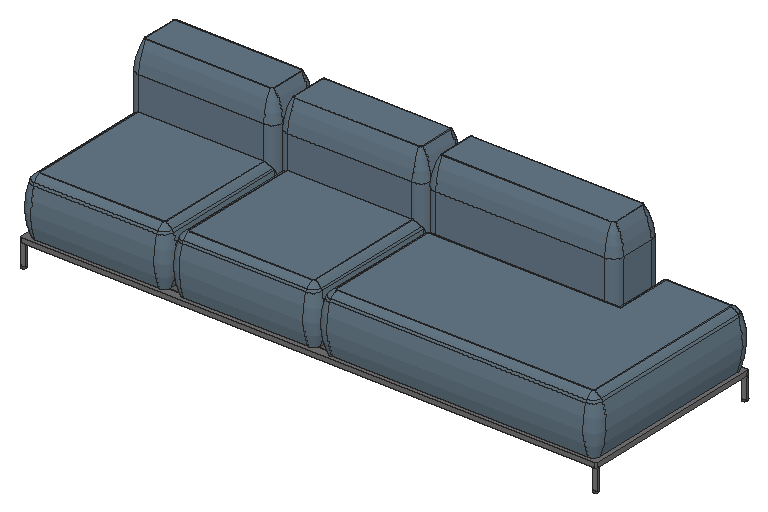
Revit family "Haworth_Mex-Hi_Sofa_Wide_WithoutArm-wPeninsula", category Furniture, Revit 2018
Family settings
  OmniClass Number = 23.40.70.14.64.21
  OmniClass Title = Systems Furniture
  Work Plane-Based = No
  Always vertical = Yes
  Cut with Voids When Loaded = No
  Shared = No
  Room Calculation Point = No
Parameters (values of type "Three Seat Sofa")
  Warranty = "http://www.haworth.com/resources/product-info/warranties"
  URL - Product = "https://www.haworth.com/na/en/products/lounge-sofas/ottomans/mex-hi-seating.html"
  URL = "https://www.haworth.com/na/en/about/brands/haworth-collection.html"
  Two Seats Wide = no
  Trim Finish = Haworth _ Polymer _ Black
  Three Seats Wide = not(Two Seats Wide)  # yes
  Sustainability Info = "https://www.haworth.com/na/en/expertise/sustainability.html"
  Size = "Verify Final Dim. w/ Haworth"  # constant formula
  Seat Upholstery Finish [instance] = Haworth _ Leather _ Scozia _ Oceano ES-342
  Revision Number = "1"  # constant formula
  Model = "HCCSMHL"  # constant formula
  Manufacturer = "Haworth"  # constant formula
  Description = "Haworth - Cassina - Mex-Hi - Sofa - Without Arm with Peninsula - Wide Three Seat"
  Base Finish [instance] = Haworth _ Paint _ Matte Anthracite 69-ANT
  Back Upholstery Finish [instance] = Haworth _ Leather _ Scozia _ Oceano ES-342
  Author = "Haworth (Abd Rahman)"  # constant formula
  Assembly Code = "E2020200"
  Actual Width = if(Two Seats Wide, 86.60", 106.30")  # 106.30"
  Actual Height = 28.30"  # constant formula
  Actual Depth = 35.50"  # constant formula
Reference planes (in)
  plane 1: z = 0
  plane 2 "Center L/R": x = -6.11989
  plane 3 "Center F/B": y = -11.5
  plane 4 "Top": z = 28.3
  plane 5 "Back": y = 6.25
  plane 6 "Front": y = -29.25
  plane 7 "Right": x = 47.03011
  plane 8 "Left": x = -59.26989
  plane 9: x = -23.83656
  plane 10: x = 11.59677
  plane 11: z = 4.88189
Dimensions and locks (in)
  equal spacing: plane 8 "Left", plane 2 "Center L/R", plane 7 "Right"
  "Actual Width": plane 8 "Left" to plane 7 "Right"
  equal spacing: plane 5 "Back", plane 3 "Center F/B", plane 6 "Front"
  "Actual Depth": plane 5 "Back" to plane 6 "Front"
  "Actual Height": plane 4 "Top" to plane 1
  equal spacing: plane 8 "Left", plane 9, plane 10, plane 7 "Right"
  aligned and locked: plane 2 "Center L/R" to nested 2
  aligned and locked: plane 3 "Center F/B" to nested 2
  aligned and locked: plane 5 "Back" to nested 3
  aligned and locked: nested 4 to plane 8 "Left"
  aligned and locked: nested 4 to nested 5
  aligned and locked: nested 5 to nested 4
  aligned and locked: nested 6 to plane 7 "Right"
  aligned and locked: nested 3 to plane 8 "Left"
  aligned and locked: nested 1 to nested 3
  aligned and locked: nested 7 to nested 6
  aligned and locked: plane 8 "Left" to nested 8
  aligned and locked: nested 8 to nested 4
  aligned and locked: nested 9 to plane 8 "Left"
  aligned and locked: nested 9 to plane 5 "Back"
  aligned and locked: nested 2 to plane 11
  aligned and locked: plane 11 to nested 9
  aligned and locked: nested 3 to plane 11
  aligned and locked: nested 1 to plane 11
  aligned and locked: plane 11 to nested 7
  aligned and locked: plane 11 to nested 6
  aligned and locked: plane 11 to nested 4
  aligned and locked: plane 11 to nested 8
  aligned and locked: plane 11 to nested 5
Nested families (in)
  nested 1: "Haworth_Mex-Hi_Sofa_Back-Wide-PART" at (-24.70365, 9.90612, -0.04956) x (-1, 0, 0) z (0, 0, 1), Back Upholstery Finish <- "Back Upholstery Finish", visible <- "Three Seats Wide", type "Back Wide - PART - Extra Small"
    with Back Upholstery Finish Haworth _ Leather _ Scozia _ Oceano ES-342, Small no
  nested 2: "Haworth_Mex-Hi_Sofa_Base-PART" at (0, 0, 0), Base Finish <- "Base Finish", type "Base - PART"
    with Base Finish Haworth _ Paint _ Matte Anthracite 69-ANT, Two Seats no
  nested 3: "Haworth_Mex-Hi_Sofa_Back-Wide-PART" at (-52.06365, 9.90612, -0.04956) x (-1, 0, 0) z (0, 0, 1), visible <- "Three Seats Wide", Back Upholstery Finish <- "Back Upholstery Finish", type "Back Wide - PART - Extra Small"
    with Back Upholstery Finish Haworth _ Leather _ Scozia _ Oceano ES-342, Small no
  nested 4: "Haworth_Mex-Hi_Sofa_Seat-Wide-PART" at (-39.46872, -3.81836, 0), visible <- "Three Seats Wide", Seat Upholstery Finish <- "Seat Upholstery Finish", type "Seat Wide - PART - L/R"
    with Seat Upholstery Finish Haworth _ Leather _ Scozia _ Oceano ES-342, Peninsula Seat no, Middle Small Seat no, Middle Large Seat no, L/R Seat yes
  nested 5: "Haworth_Mex-Hi_Sofa_Seat-Wide-PART" at (-12.10617, -3.81836, 0), visible <- "Three Seats Wide", Seat Upholstery Finish <- "Seat Upholstery Finish", type "Seat Wide - PART - L/R"
    with Seat Upholstery Finish Haworth _ Leather _ Scozia _ Oceano ES-342, Peninsula Seat no, Middle Small Seat no, Middle Large Seat no, L/R Seat yes
  nested 6: "Haworth_Mex-Hi_Sofa_Seat-Wide-PART" at (25.84372, -3.94336, 0), Seat Upholstery Finish <- "Seat Upholstery Finish", type "Seat Wide - PART - Peninsula"
    with Seat Upholstery Finish Haworth _ Leather _ Scozia _ Oceano ES-342, Middle Small Seat no, Middle Large Seat no
  nested 7: "Haworth_Mex-Hi_Sofa_Back-Wide-PART" at (19.48131, 9.90612, -0.04956), Back Upholstery Finish <- "Back Upholstery Finish", type "Back Wide - PART - Small"
    with Back Upholstery Finish Haworth _ Leather _ Scozia _ Oceano ES-342, Extra Small no
  nested 8: "Haworth_Mex-Hi_Sofa_Seat-Wide-PART" at (-35.30039, -3.81836, 0), visible <- "Two Seats Wide", Seat Upholstery Finish <- "Seat Upholstery Finish", type "Seat Wide - PART - Small"
    with Seat Upholstery Finish Haworth _ Leather _ Scozia _ Oceano ES-342, Peninsula Seat no, Middle Large Seat no
  nested 9: "Haworth_Mex-Hi_Sofa_Back-Wide-PART" at (-35.08113, 9.90612, -0.04956), visible <- "Two Seats Wide", Back Upholstery Finish <- "Back Upholstery Finish", type "Back Wide - PART - Small"
    with Back Upholstery Finish Haworth _ Leather _ Scozia _ Oceano ES-342, Extra Small no
Definition of nested family "Haworth_Mex-Hi_Sofa_Back-Wide-PART"
  Parameters (values of type "Back Wide - PART - Small")
    Warranty = "http://www.haworth.com/resources/product-info/warranties"
    URL - Product = "https://www.haworth.com/na/en/products/lounge-sofas/ottomans/mex-hi-seating.html"
    URL = "https://www.haworth.com/na/en/about/brands/haworth-collection.html"
    Sustainability Info = "https://www.haworth.com/na/en/expertise/sustainability.html"
    Small = yes
    Size = "Verify Final Dim. w/ Haworth"  # constant formula
    Seat Height = 17.00"  # constant formula
    Revision Number = "1"  # constant formula
    Model = "Haworth - Cassina - Mex-Hi"  # constant formula
    Manufacturer = "Haworth"  # constant formula
    Large = no
    Extra Small = yes
    Description = "Haworth - Cassina - Mex-Hi - Back - Wide - PART"  # constant formula
    Back Upholstery Finish [instance] = none
    Author = "Haworth (Abd Rahman)"  # constant formula
    Assembly Code = "E2020200"
    Actual Width = 35.43"  # constant formula
    Actual Height = 27.39844"  # constant formula
    Actual Depth = 10.60"  # constant formula
  Types (2): name | Small | Large
    Back Wide - PART - Small | yes | no
    Back Wide - PART - Large | no | yes
  Reference planes (in)
    plane 1: z = 0
    plane 2 "Top": z = 27.39844
    plane 3: z = 17
    plane 4 "Right": x = 11.24124
    plane 5 "Left": x = -24.18876
    plane 6 "Center (Left/Right)": x = -6.47376
    plane 7 "Back": y = -3.65612
    plane 8 "Front": y = -14.25612
    plane 9 "Center (Front/Back)": y = -8.95612
    plane 10: x = -20.15376
    plane 11: x = 7.20624
  Forms (in)
    Extrusion 1, solid, material <- "Back Upholstery Finish", visible <- "Small"
      sketch origin (0, 0.1875, 0) x (1, 0, 0) y (0, 1, 0)
        loop
          line (-22.40055, -6.01823) -> (-22.40055, -12.26715)
          arc (-22.40055, -12.26715) -> (-22.28726, -12.54067) -> (-22.01374, -12.65397) r 0.38681
          line (-22.01374, -12.65397) -> (9.07786, -12.65397)
          arc (9.07786, -12.65397) -> (9.35138, -12.54067) -> (9.46468, -12.26715) r 0.38681
          line (9.46468, -12.26715) -> (9.46468, -6.01823)
          arc (9.46468, -6.01823) -> (9.35138, -5.74471) -> (9.07786, -5.63141) r 0.38681
          line (9.07786, -5.63141) -> (-22.01374, -5.63141)
          arc (-22.01374, -5.63141) -> (-22.28726, -5.74471) -> (-22.40055, -6.01823) r 0.38681
      from 4.93145 to 26.69365
    Sweep 2, solid, material <- "Back Upholstery Finish", visible <- "Small"
      path origin (0, 0.1875, 0) x (1, 0, 0) y (0, 1, 0)
        loop
          arc (-22.01374, -5.51823) -> (-22.36729, -5.66467) -> (-22.51374, -6.01823) r 0.5
          line (-22.51374, -6.01823) -> (-22.51374, -12.26715)
          arc (-22.51374, -12.26715) -> (-22.36729, -12.62071) -> (-22.01374, -12.76715) r 0.5
          line (-22.01374, -12.76715) -> (9.07786, -12.76715)
          arc (9.07786, -12.76715) -> (9.43142, -12.62071) -> (9.57786, -12.26715) r 0.5
          line (9.57786, -12.26715) -> (9.57786, -6.01823)
          arc (9.57786, -6.01823) -> (9.43142, -5.66467) -> (9.07786, -5.51823) r 0.5
          line (9.07786, -5.51823) -> (-22.01374, -5.51823)
      profile origin (-6.46794, -5.33073, 0) x (0, 1, 0) y (0, 0, 1)
        loop
          arc (1.49021, 21.44568) -> (0.98441, 24.16007) -> (-0.11319, 26.69365) r 12.32019
          line (-0.11319, 26.69365) -> (-0.11319, 4.93145)
          arc (-0.11319, 4.93145) -> (0.96903, 7.99176) -> (1.49021, 11.19568) r 18.19442
          arc (1.49021, 11.19568) -> (1.67463, 16.32068) -> (1.49021, 21.44568) r 71.30597
    Sweep 3, solid, material <- "Back Upholstery Finish", visible <- "Large"
      path origin (0, 0.1875, 0) x (1, 0, 0) y (0, 1, 0)
        loop
          arc (-29.78736, -5.63141) -> (-30.14092, -5.77786) -> (-30.28736, -6.13141) r 0.5
          line (-30.28736, -6.13141) -> (-30.28736, -12.15397)
          arc (-30.28736, -12.15397) -> (-30.14092, -12.50752) -> (-29.78736, -12.65397) r 0.5
          line (-29.78736, -12.65397) -> (8.96468, -12.65397)
          arc (8.96468, -12.65397) -> (9.31823, -12.50752) -> (9.46468, -12.15397) r 0.5
          line (9.46468, -12.15397) -> (9.46468, -6.13141)
          arc (9.46468, -6.13141) -> (9.31823, -5.77786) -> (8.96468, -5.63141) r 0.5
          line (8.96468, -5.63141) -> (-29.78736, -5.63141)
      profile origin (-10.41134, -5.44391, 0) x (0, 1, 0) y (0, 0, 1)
        loop
          arc (1.49021, 21.44568) -> (0.98441, 24.16007) -> (-0.11319, 26.69365) r 12.32019
          line (-0.11319, 26.69365) -> (-0.11319, 4.93145)
          arc (-0.11319, 4.93145) -> (0.96903, 7.99176) -> (1.49021, 11.19568) r 18.19442
          arc (1.49021, 11.19568) -> (1.67463, 16.32068) -> (1.49021, 21.44568) r 71.30597
    Extrusion 4, solid, material <- "Back Upholstery Finish", visible <- "Large"
      sketch origin (0, 0.1875, 0) x (1, 0, 0) y (0, 1, 0)
        loop
          line (-30.17418, -6.13141) -> (-30.17418, -12.15397)
          arc (-30.17418, -12.15397) -> (-30.06088, -12.42749) -> (-29.78736, -12.54078) r 0.38681
          line (-29.78736, -12.54078) -> (8.96468, -12.54078)
          arc (8.96468, -12.54078) -> (9.2382, -12.42749) -> (9.35149, -12.15397) r 0.38681
          line (9.35149, -12.15397) -> (9.35149, -6.13141)
          arc (9.35149, -6.13141) -> (9.2382, -5.85789) -> (8.96468, -5.7446) r 0.38681
          line (8.96468, -5.7446) -> (-29.78736, -5.7446)
          arc (-29.78736, -5.7446) -> (-30.06088, -5.85789) -> (-30.17418, -6.13141) r 0.38681
      from 4.93145 to 26.69365
    Sweep 5, solid, material <- "Back Upholstery Finish", visible <- "Extra Small"
      path origin (0, 0.1875, 0) x (1, 0, 0) y (0, 1, 0)
        loop
          arc (-17.90376, -5.51823) -> (-18.25731, -5.66467) -> (-18.40376, -6.01823) r 0.5
          line (-18.40376, -6.01823) -> (-18.40376, -12.26715)
          arc (-18.40376, -12.26715) -> (-18.25731, -12.62071) -> (-17.90376, -12.76715) r 0.5
          line (-17.90376, -12.76715) -> (4.95624, -12.76715)
          arc (4.95624, -12.76715) -> (5.30979, -12.62071) -> (5.45624, -12.26715) r 0.5
          line (5.45624, -12.26715) -> (5.45624, -6.01823)
          arc (5.45624, -6.01823) -> (5.30979, -5.66467) -> (4.95624, -5.51823) r 0.5
          line (4.95624, -5.51823) -> (-17.90376, -5.51823)
      profile origin (-6.47376, -5.33073, 0) x (0, 1, 0) y (0, 0, 1)
        loop
          arc (1.49021, 21.44568) -> (0.98441, 24.16007) -> (-0.11319, 26.69365) r 12.32019
          line (-0.11319, 26.69365) -> (-0.11319, 4.93145)
          arc (-0.11319, 4.93145) -> (0.96903, 7.99176) -> (1.49021, 11.19568) r 18.19442
          arc (1.49021, 11.19568) -> (1.67463, 16.32068) -> (1.49021, 21.44568) r 71.30597
    Extrusion 6, solid, material <- "Back Upholstery Finish", visible <- "Extra Small"
      sketch origin (0, 0.1875, 0) x (1, 0, 0) y (0, 1, 0)
        loop
          line (-18.29057, -6.01823) -> (-18.29057, -12.26715)
          arc (-18.29057, -12.26715) -> (-18.17728, -12.54067) -> (-17.90376, -12.65397) r 0.38681
          line (-17.90376, -12.65397) -> (4.95624, -12.65397)
          arc (4.95624, -12.65397) -> (5.22976, -12.54067) -> (5.34306, -12.26715) r 0.38681
          line (5.34306, -12.26715) -> (5.34306, -6.01823)
          arc (5.34306, -6.01823) -> (5.22976, -5.74471) -> (4.95624, -5.63141) r 0.38681
          line (4.95624, -5.63141) -> (-17.90376, -5.63141)
          arc (-17.90376, -5.63141) -> (-18.17728, -5.74471) -> (-18.29057, -6.01823) r 0.38681
      from 4.93145 to 26.69365
  Lines and regions (in)
    Masking region 1, visible <- "Large"
      outline origin (0, 0, 0) x (1, 0, 0) y (0, 1, 0)
        loop
          line (-31.95339, -5.80612) -> (-31.95339, -12.10612)
          arc (-31.95339, -12.10612) -> (-31.32367, -13.6264) -> (-29.80339, -14.25612) r 2.15
          line (-29.80339, -14.25612) -> (9.0884, -14.25612)
          arc (9.0884, -14.25612) -> (10.61069, -13.62556) -> (11.24124, -12.10328) r 2.15284
          line (11.24124, -12.10328) -> (11.24124, -5.80612)
          arc (11.24124, -5.80612) -> (10.61152, -4.28584) -> (9.09124, -3.65612) r 2.15
          line (9.09124, -3.65612) -> (-29.80339, -3.65612)
          arc (-29.80339, -3.65612) -> (-31.32367, -4.28584) -> (-31.95339, -5.80612) r 2.15
    Masking region 2, visible <- "Small"
      outline origin (0, 0, 0) x (1, 0, 0) y (0, 1, 0)
        loop
          line (-24.18876, -5.80612) -> (-24.18876, -12.10612)
          arc (-24.18876, -12.10612) -> (-23.55904, -13.6264) -> (-22.03876, -14.25612) r 2.15
          line (-22.03876, -14.25612) -> (9.0884, -14.25612)
          arc (9.0884, -14.25612) -> (10.61069, -13.62556) -> (11.24124, -12.10328) r 2.15284
          line (11.24124, -12.10328) -> (11.24124, -5.80612)
          arc (11.24124, -5.80612) -> (10.61152, -4.28584) -> (9.09124, -3.65612) r 2.15
          line (9.09124, -3.65612) -> (-22.03876, -3.65612)
          arc (-22.03876, -3.65612) -> (-23.55904, -4.28584) -> (-24.18876, -5.80612) r 2.15
    Masking region 3, visible <- "Extra Small"
      outline origin (0, 0, 0) x (1, 0, 0) y (0, 1, 0)
        loop
          line (-20.15376, -5.80612) -> (-20.15376, -12.10612)
          arc (-20.15376, -12.10612) -> (-19.52404, -13.6264) -> (-18.00376, -14.25612) r 2.15
          line (-18.00376, -14.25612) -> (5.0534, -14.25612)
          arc (5.0534, -14.25612) -> (6.57569, -13.62556) -> (7.20624, -12.10328) r 2.15284
          line (7.20624, -12.10328) -> (7.20624, -5.80612)
          arc (7.20624, -5.80612) -> (6.57652, -4.28584) -> (5.05624, -3.65612) r 2.15
          line (5.05624, -3.65612) -> (-18.00376, -3.65612)
          arc (-18.00376, -3.65612) -> (-19.52404, -4.28584) -> (-20.15376, -5.80612) r 2.15
  Dimensions and locks (in)
    "Actual Height": plane 2 "Top" to plane 1
    "Seat Height": plane 3 to level
    equal spacing: plane 5 "Left", plane 6 "Center (Left/Right)", plane 4 "Right"
    "Actual Width": plane 5 "Left" to plane 4 "Right"
    equal spacing: plane 8 "Front", plane 9 "Center (Front/Back)", plane 7 "Back"
    "Actual Depth": plane 8 "Front" to plane 7 "Back"
    Masking region 3 sketch curve to plane 6 "Center (Left/Right)" to Masking region 3 sketch curve = 13.68", 13.68"
  Automatic sketch dimensions
    Extrusion 1 sketch curve to plane 5 "Left" = 1.78821"
    Extrusion 1 sketch curve to Extrusion 1 sketch curve = 0.38681"  (x3)
    Extrusion 1 sketch curve to plane 4 "Right" = 2.16338"  (x2)
    plane 8 "Front" to Extrusion 1 sketch curve = 1.78965"
    plane 7 "Back" to Extrusion 1 sketch curve = 2.17461"
    Sweep 2 sketch curve to plane 5 "Left" = 1.67502"
    Sweep 2 sketch curve to Sweep 2 sketch curve = 0.50"  (x3)
    Sweep 2 sketch curve to plane 4 "Right" = 2.16338"  (x2)
    plane 8 "Front" to Sweep 2 sketch curve = 1.67646"
    plane 7 "Back" to Sweep 2 sketch curve = 2.17461"
    level to Sweep 2 sketch curve = 16.32068"
    profile plane to Sweep 2 sketch curve = 69.63135"
    profile plane to Sweep 2 sketch curve = 16.65715"
    Sweep 2 sketch curve to Sweep 2 sketch curve = 5.85904"
    profile plane to Sweep 2 sketch curve = 0.11319"
    level to Sweep 2 sketch curve = 12.50337"
    level to Sweep 2 sketch curve = 4.93145"
    Sweep 2 sketch curve to Sweep 2 sketch curve = 8.05681"
    Sweep 2 sketch curve to Sweep 2 sketch curve = 6.13346"
    Sweep 2 sketch curve to Sweep 2 sketch curve = 0.00"
    Masking region 1 sketch curve to plane 8 "Front" = 0.00"
    plane 7 "Back" to Masking region 1 sketch curve = 0.00"
    Masking region 1 sketch curve to plane 4 "Right" = 0.00"
    Masking region 1 sketch curve to plane 4 "Right" = 2.15"
    Masking region 1 sketch curve to Masking region 1 sketch curve = 2.15284"
    plane 7 "Back" to Masking region 1 sketch curve = 2.15"
    plane 5 "Left" to Masking region 1 sketch curve = 5.61464"
    Masking region 1 sketch curve to Masking region 1 sketch curve = 2.15"
    plane 8 "Front" to Sweep 3 sketch curve = 2.28965"
    plane 5 "Left" to Sweep 3 sketch curve = 6.09861"
    Sweep 3 sketch curve to Sweep 3 sketch curve = 0.50"  (x3)
    Sweep 3 sketch curve to plane 4 "Right" = 2.27656"  (x2)
    plane 7 "Back" to Sweep 3 sketch curve = 2.2878"
    level to Sweep 3 sketch curve = 16.32068"
    profile plane to Sweep 3 sketch curve = 69.63135"
    profile plane to Sweep 3 sketch curve = 16.65715"
    Sweep 3 sketch curve to Sweep 3 sketch curve = 5.85904"
    profile plane to Sweep 3 sketch curve = 0.11319"
    level to Sweep 3 sketch curve = 12.50337"
    level to Sweep 3 sketch curve = 4.93145"
    Sweep 3 sketch curve to Sweep 3 sketch curve = 8.05681"
    Sweep 3 sketch curve to Sweep 3 sketch curve = 6.13346"
    Sweep 3 sketch curve to Sweep 3 sketch curve = 0.00"
    plane 7 "Back" to Extrusion 4 sketch curve = 2.2878"
    plane 5 "Left" to Extrusion 4 sketch curve = 5.98542"
    Extrusion 4 sketch curve to Extrusion 4 sketch curve = 0.38681"  (x3)
    Extrusion 4 sketch curve to plane 4 "Right" = 2.27656"  (x2)
    plane 8 "Front" to Extrusion 4 sketch curve = 2.28965"
    Masking region 2 sketch curve to plane 5 "Left" = 0.00"
    Masking region 2 sketch curve to plane 8 "Front" = 0.00"
    plane 7 "Back" to Masking region 2 sketch curve = 0.00"
    Masking region 2 sketch curve to plane 4 "Right" = 0.00"
    Masking region 2 sketch curve to plane 5 "Left" = 2.15"  (x2)
    Masking region 2 sketch curve to plane 4 "Right" = 2.15284"
    Masking region 2 sketch curve to Masking region 2 sketch curve = 2.15"
    Masking region 3 sketch curve to plane 8 "Front" = 0.00"
    plane 7 "Back" to Masking region 3 sketch curve = 0.00"
    plane 8 "Front" to Masking region 3 sketch curve = 2.15"
    Masking region 3 sketch curve to Masking region 3 sketch curve = 2.15"
    Masking region 3 sketch curve to Masking region 3 sketch curve = 2.15284"
    plane 7 "Back" to Masking region 3 sketch curve = 2.15"
    plane 8 "Front" to Sweep 5 sketch curve = 2.17646"  (x2)
    Sweep 5 sketch curve to plane 5 "Left" = 5.785"
    Sweep 5 sketch curve to Sweep 5 sketch curve = 0.50"  (x3)
    Sweep 5 sketch curve to plane 4 "Right" = 6.285"
    plane 7 "Back" to Sweep 5 sketch curve = 2.17461"
    level to Sweep 5 sketch curve = 16.32068"
    profile plane to Sweep 5 sketch curve = 69.63135"
    profile plane to Sweep 5 sketch curve = 16.65715"
    Sweep 5 sketch curve to Sweep 5 sketch curve = 5.85904"
    profile plane to Sweep 5 sketch curve = 0.11319"
    level to Sweep 5 sketch curve = 12.50337"
    level to Sweep 5 sketch curve = 4.93145"
    Sweep 5 sketch curve to Sweep 5 sketch curve = 8.05681"
    Sweep 5 sketch curve to Sweep 5 sketch curve = 6.13346"
    Sweep 5 sketch curve to Sweep 5 sketch curve = 0.00"
    Extrusion 6 sketch curve to plane 5 "Left" = 5.89819"
    Extrusion 6 sketch curve to Extrusion 6 sketch curve = 0.38681"  (x3)
    Extrusion 6 sketch curve to plane 4 "Right" = 6.285"  (x2)
    plane 8 "Front" to Extrusion 6 sketch curve = 1.78965"
    plane 7 "Back" to Extrusion 6 sketch curve = 2.17461"
Definition of nested family "Haworth_Mex-Hi_Sofa_Base-PART"
  Parameters (values of type "Base - PART")
    Warranty = "http://www.haworth.com/resources/product-info/warranties"
    URL - Product = "https://www.haworth.com/na/en/products/lounge-sofas/ottomans/mex-hi-seating.html"
    URL = "https://www.haworth.com/na/en/about/brands/haworth-collection.html"
    Two Seats = yes
    Trim Finish = none
    Three Seats = yes
    Sustainability Info = "https://www.haworth.com/na/en/expertise/sustainability.html"
    Size = "Verify Final Dim. w/ Haworth"  # constant formula
    Revision Number = "1"  # constant formula
    Model = "Haworth - Cassina - Mex-Hi"  # constant formula
    Manufacturer = "Haworth"  # constant formula
    Description = "Haworth - Cassina - Mex-Hi - Sofa - Base - PART"  # constant formula
    Base Finish [instance] = none
    Author = "Haworth (Abd Rahman)"  # constant formula
    Assembly Code = "E2020200"
    Actual Width = 106.30"
    Actual Height = 28.30"  # constant formula
    Actual Depth = 35.50"
  Reference planes (in)
    plane 1: z = 0
    plane 2 "Center L/R": x = -6.11989
    plane 3 "Center F/B": y = -11.5
    plane 4 "Top": z = 28.3
    plane 5 "Back": y = 6.25
    plane 6 "Front": y = -29.25
    plane 7 "Right": x = 47.03011
    plane 8 "Left": x = -59.26989
    plane 9: x = 12.56121
    plane 10: x = 11.38011
    plane 11: x = -23.61989
    plane 12: x = -24.801
    plane 13: y = 4.4803
    plane 14: y = 3.20078
    plane 15: y = 2.01967
    plane 16: y = -4.67324
    plane 17: y = -5.85434
    plane 18: y = -24.9511
    plane 19: y = -26.1322
    plane 20: y = -27.40946
    plane 21: y = 6.04866
    plane 22: y = -28.9838
    plane 23: x = -57.4682
    plane 24: x = 45.28743
    plane 25: x = 46.85823
    plane 26: x = -59.04253
    plane 27: x = 11.9669
    plane 28: x = -24.21044
    plane 29: y = -17.07481
    plane 30: y = -5.26247
    plane 31: x = -6.6827
    plane 32: x = -5.5016
  Forms (in)
    Extrusion 1, solid, material <- "Base Finish"
      sketch origin (-0.25, 0.4375, 0) x (1, 0, 0) y (0, 1, 0)
        loop
          line (46.73209, 5.61116) -> (-58.41639, 5.61116)
          arc (-58.41639, 5.61116) -> (-58.68236, 5.50099) -> (-58.79253, 5.23502) r 0.37614
          line (-58.79253, 5.23502) -> (-58.79253, -29.03536)
          arc (-58.79253, -29.03536) -> (-58.67949, -29.30826) -> (-58.4066, -29.4213) r 0.38594
          line (-58.4066, -29.4213) -> (46.82505, -29.4213)
          arc (46.82505, -29.4213) -> (47.02529, -29.33835) -> (47.10823, -29.13811) r 0.28319
          line (47.10823, -29.13811) -> (47.10823, 5.23502)
          arc (47.10823, 5.23502) -> (46.99806, 5.50099) -> (46.73209, 5.61116) r 0.37614
        loop
          line (45.53743, -5.11074) -> (45.53743, 1.58217) -> (-57.2182, 1.58217) -> (-57.2182, -5.11074) -> (45.53743, -5.11074)
        loop
          line (-57.2182, 2.76328) -> (45.53743, 2.76328) -> (45.53743, 4.0428) -> (-57.2182, 4.0428) -> (-57.2182, 2.76328)
        loop
          line (45.53743, -6.29184) -> (-57.2182, -6.29184) -> (-57.2182, -25.3886) -> (45.53743, -25.3886) -> (45.53743, -6.29184)
        loop
          line (45.53743, -26.5697) -> (-57.2182, -26.5697) -> (-57.2182, -27.84696) -> (45.53743, -27.84696) -> (45.53743, -26.5697)
      from 4.08098 to 4.88189
    Extrusion 2, solid, material <- "Base Finish"
      sketch origin (-0.25, 0.4375, 0) x (1, 0, 0) y (0, 1, 0)
        loop
          circle (-58.39883, 5.22344) r 0.41206
        loop
          circle (46.72054, -29.02659) r 0.41206
        loop
          circle (46.72363, 5.22313) r 0.41206
        loop
          circle (-58.39602, -29.0239) r 0.41206
      from 0 to 4.08098
    Extrusion 3, solid, material <- "Trim Finish"
      sketch origin (-0.25, 0.4375, 0) x (1, 0, 0) y (0, 1, 0)
        loop
          circle (-58.39883, 5.22344) r 0.49213
        loop
          circle (-58.39883, -29.02999) r 0.49213
        loop
          circle (46.72154, 5.22344) r 0.49213
        loop
          circle (46.71782, -29.02818) r 0.49213
      from 0 to 0.23622
    Extrusion 4, solid, material <- "Base Finish", visible <- "Two Seats"
      sketch origin (0, 0, 0) x (1, 0, 0) y (0, 1, 0)
        loop
          line (-5.5016, -27.40946) -> (-5.5016, 6.04866) -> (-6.6827, 6.04866) -> (-6.6827, -27.40946) -> (-5.5016, -27.40946)
      from 4.08098 to 4.88189
    Extrusion 5, solid, material <- "Base Finish", visible <- "Three Seats"
      sketch origin (-17.68716, 0, 0) x (1, 0, 0) y (0, 1, 0)
        loop
          line (-5.93273, -27.40946) -> (-5.93273, 6.04866) -> (-7.11383, 6.04866) -> (-7.11383, -27.40946) -> (-5.93273, -27.40946)
      from 4.08098 to 4.88189
    Extrusion 6, solid, material <- "Base Finish", visible <- "Three Seats"
      sketch origin (17.7459, 0, 0) x (1, 0, 0) y (0, 1, 0)
        loop
          line (-5.1847, -27.40946) -> (-5.1847, 6.04866) -> (-6.3658, 6.04866) -> (-6.3658, -27.40946) -> (-5.1847, -27.40946)
      from 4.08098 to 4.88189
    Extrusion 7, solid, material <- "Trim Finish", visible <- "Two Seats"
      sketch origin (0, 0, 0) x (1, 0, 0) y (0, 1, 0)
        loop
          circle (-6.11989, -17.07481) r 0.49213
        loop
          circle (-6.11989, -5.26247) r 0.49213
      from 0 to 0.23622
    Extrusion 8, solid, material <- "Trim Finish", visible <- "Two Seats"
      sketch origin (0, 0, 0) x (1, 0, 0) y (0, 1, 0)
        loop
          circle (-6.11989, -17.07481) r 0.41206
        loop
          circle (-6.11989, -5.26247) r 0.41206
      from 0 to 4.08098
    Extrusion 9, solid, material <- "Trim Finish", visible <- "Three Seats"
      sketch origin (0, 0, 0) x (1, 0, 0) y (0, 1, 0)
        loop
          circle (-24.21044, -17.07481) r 0.41206
        loop
          circle (-24.21044, -5.26247) r 0.41206
        loop
          circle (11.9669, -5.26247) r 0.41206
        loop
          circle (11.9669, -17.07481) r 0.41206
      from 0 to 4.08098
    Extrusion 10, solid, material <- "Trim Finish", visible <- "Three Seats"
      sketch origin (0, 0, 0) x (1, 0, 0) y (0, 1, 0)
        loop
          circle (-24.21044, -17.07481) r 0.49213
        loop
          circle (-24.21044, -5.26247) r 0.49213
        loop
          circle (11.9669, -5.26247) r 0.49213
        loop
          circle (11.9669, -17.07481) r 0.49213
      from 0 to 0.23622
  Lines and regions (in)
    symbolic lines
      curve 1: line (-59.04253, 6.04866, 0) -> (46.85823, 6.04866, 0)
      curve 2: line (-59.04253, -28.9838, 0) -> (-59.04253, 6.04866, 0)
      curve 3: line (46.85823, -28.9838, 0) -> (-59.04253, -28.9838, 0)
      curve 4: line (46.85823, 6.04866, 0) -> (46.85823, -28.9838, 0)
      curve 5: line (-57.4682, -27.40946, 0) -> (-24.801, -27.40946, 0)
      curve 6: line (-57.4682, -26.1322, 0) -> (-57.4682, -27.40946, 0)
      curve 7: line (-24.801, -26.1322, 0) -> (-57.4682, -26.1322, 0)
      curve 8: line (-24.801, -27.40946, 0) -> (-24.801, -26.1322, 0)
      curve 9: line (11.38011, -27.40946, 0) -> (-23.61989, -27.40946, 0)
      curve 10: line (11.38011, -26.1322, 0) -> (11.38011, -27.40946, 0)
      curve 11: line (-23.61989, -26.1322, 0) -> (11.38011, -26.1322, 0)
      curve 12: line (-23.61989, -27.40946, 0) -> (-23.61989, -26.1322, 0)
      curve 13: line (12.56121, -26.1322, 0) -> (45.28743, -26.1322, 0)
      curve 14: line (12.56121, -27.40946, 0) -> (12.56121, -26.1322, 0)
      curve 15: line (45.28743, -27.40946, 0) -> (12.56121, -27.40946, 0)
      curve 16: line (45.28743, -26.1322, 0) -> (45.28743, -27.40946, 0)
      curve 17: line (45.28743, -24.9511, 0) -> (12.56121, -24.9511, 0)
      curve 18: line (45.28743, -5.85434, 0) -> (45.28743, -24.9511, 0)
      curve 19: line (12.56121, -5.85434, 0) -> (45.28743, -5.85434, 0)
      curve 20: line (12.56121, -24.9511, 0) -> (12.56121, -5.85434, 0)
      curve 21: line (45.28743, -4.67324, 0) -> (12.56121, -4.67324, 0)
      curve 22: line (45.28743, 2.01967, 0) -> (45.28743, -4.67324, 0)
      curve 23: line (12.56121, 2.01967, 0) -> (45.28743, 2.01967, 0)
      curve 25: line (11.38011, 2.01967, 0) -> (-23.61989, 2.01967, 0)
      curve 27: line (-23.61989, -4.67324, 0) -> (11.38011, -4.67324, 0)
      curve 28: line (-23.61989, 2.01967, 0) -> (-23.61989, -4.67324, 0)
      curve 29: line (-23.61989, -5.85434, 0) -> (11.38011, -5.85434, 0)
      curve 30: line (-23.61989, -24.9511, 0) -> (-23.61989, -5.85434, 0)
      curve 31: line (11.38011, -24.9511, 0) -> (-23.61989, -24.9511, 0)
      curve 32: line (11.38011, -5.85434, 0) -> (11.38011, -24.9511, 0)
      curve 33: line (-24.801, -24.9511, 0) -> (-57.4682, -24.9511, 0)
      curve 35: line (-57.4682, -5.85434, 0) -> (-24.801, -5.85434, 0)
      curve 36: line (-57.4682, -24.9511, 0) -> (-57.4682, -5.85434, 0)
      curve 37: line (-57.4682, -4.67324, 0) -> (-24.801, -4.67324, 0)
      curve 38: line (-57.4682, 2.01967, 0) -> (-57.4682, -4.67324, 0)
      curve 39: line (-24.801, 2.01967, 0) -> (-57.4682, 2.01967, 0)
      curve 40: line (-24.801, -4.67324, 0) -> (-24.801, 2.01967, 0)
      curve 41: line (-57.4682, 4.4803, 0) -> (-24.801, 4.4803, 0)
      curve 42: line (-57.4682, 3.20078, 0) -> (-57.4682, 4.4803, 0)
      curve 43: line (-24.801, 3.20078, 0) -> (-57.4682, 3.20078, 0)
      curve 44: line (-24.801, 4.4803, 0) -> (-24.801, 3.20078, 0)
      curve 45: line (11.38011, 3.20078, 0) -> (-23.61989, 3.20078, 0)
      curve 46: line (11.38011, 4.4803, 0) -> (11.38011, 3.20078, 0)
      curve 47: line (-23.61989, 4.4803, 0) -> (11.38011, 4.4803, 0)
      curve 49: line (45.28743, 3.20078, 0) -> (12.56121, 3.20078, 0)
      curve 50: line (45.28743, 4.4803, 0) -> (45.28743, 3.20078, 0)
      curve 51: line (12.56121, 4.4803, 0) -> (45.28743, 4.4803, 0)
      curve 52: line (12.56121, 3.20078, 0) -> (12.56121, 4.4803, 0)
    symbolic lines, visible <- "Three Seats"
      curve 24: line (12.56121, -27.40946, 0) -> (12.56121, 4.4803, 0)
      curve 26: line (11.38011, -27.40946, 0) -> (11.38011, 4.4803, 0)
      curve 34: line (-24.801, 4.4803, 0) -> (-24.801, -27.40946, 0)
      curve 48: line (-23.61989, -27.40946, 0) -> (-23.61989, 4.4803, 0)
    symbolic lines, visible <- "Two Seats"
      curve 53: line (-6.6827, 6.04866, 0) -> (-5.5016, 6.04866, 0)
      curve 54: line (-6.6827, -27.40946, 0) -> (-6.6827, 6.04866, 0)
      curve 55: line (-5.5016, -27.40946, 0) -> (-6.6827, -27.40946, 0)
      curve 56: line (-5.5016, 6.04866, 0) -> (-5.5016, -27.40946, 0)
  Dimensions and locks (in)
    equal spacing: plane 8 "Left", plane 2 "Center L/R", plane 7 "Right"
    "Actual Width": plane 8 "Left" to plane 7 "Right"
    equal spacing: plane 5 "Back", plane 3 "Center F/B", plane 6 "Front"
    "Actual Depth": plane 5 "Back" to plane 6 "Front"
    "Actual Height": plane 4 "Top" to plane 1
    plane 18 to plane 19 to plane 20 to plane 22 to plane 6 "Front" = 1.1811" locked, 1.27726" locked, 1.57434" locked, 0.2662" locked
    plane 5 "Back" to plane 21 to plane 13 to plane 14 to plane 15 to plane 16 to plane 17 = 0.20134" locked, 1.56835" locked, 1.27953" locked, 1.1811" locked, 6.69291" locked, 1.1811" locked
    plane 30 to plane 3 "Center F/B" to plane 29 = 6.23753" locked, 5.57481" locked
    plane 31 to plane 2 "Center L/R" to plane 32 = 0.56281" locked, 0.61829" locked
    plane 10 to plane 27 to plane 9 = 0.58679" locked, 0.59431" locked
    plane 12 to plane 28 to plane 11 = 0.59055" locked, 0.59055" locked
    plane 24 to plane 25 to plane 7 "Right" = 1.5708" locked, 0.17188" locked
    plane 8 "Left" to plane 26 to plane 23 = 0.22736" locked, 1.57433" locked
    plane 9 to plane 24 = 32.72622"
    plane 23 to plane 12 = 32.6672"
    aligned and locked: Extrusion 1 to plane 13
    aligned and locked: plane 14 to Extrusion 1
    aligned and locked: Extrusion 1 to plane 15
    aligned and locked: plane 16 to Extrusion 1
    aligned and locked: Extrusion 1 to plane 17
    aligned and locked: plane 18 to Extrusion 1
    aligned and locked: Extrusion 1 to plane 19
    aligned and locked: Extrusion 1 to plane 20
    aligned and locked: plane 26 to Extrusion 1  (x2)
    aligned and locked: Extrusion 1 to plane 23  (x4)
    aligned and locked: Extrusion 1 to plane 25  (x2)
    aligned and locked: plane 24 to Extrusion 1  (x4)
    aligned and locked: curve 2 to plane 26
    aligned and locked: plane 21 to Extrusion 1
    aligned and locked: plane 14 to curve 43
    aligned and locked: plane 15 to curve 39
    aligned and locked: curve 37 to plane 16
    aligned and locked: curve 35 to plane 17
    aligned and locked: plane 18 to curve 33
    aligned and locked: plane 19 to curve 7
    aligned and locked: plane 20 to curve 5
    aligned and locked: plane 23 to curve 6
    aligned and locked: curve 36 to plane 23
    aligned and locked: plane 23 to curve 38
    aligned and locked: curve 42 to plane 23
    aligned and locked: plane 12 to curve 44
    aligned and locked: curve 40 to plane 12
    aligned and locked: curve 8 to plane 12
    aligned and locked: curve 12 to plane 11
    aligned and locked: curve 30 to plane 11
    aligned and locked: plane 11 to curve 28
    aligned and locked: plane 10 to curve 46
    aligned and locked: curve 26 to plane 10
    aligned and locked: plane 10 to curve 32
    aligned and locked: plane 10 to curve 10
    aligned and locked: curve 14 to plane 9
    aligned and locked: curve 20 to plane 9
    aligned and locked: curve 52 to plane 9
    aligned and locked: plane 24 to curve 50
    aligned and locked: plane 24 to curve 22
    aligned and locked: plane 24 to curve 18
    aligned and locked: plane 24 to curve 16
    aligned and locked: plane 25 to curve 4
    aligned and locked: Extrusion 1 to plane 22
    aligned and locked: curve 15 to plane 20
    aligned and locked: curve 13 to plane 19
    aligned and locked: plane 18 to curve 17
    aligned and locked: curve 19 to plane 17
    aligned and locked: plane 16 to curve 21
    aligned and locked: curve 23 to plane 15
    aligned and locked: plane 14 to curve 49
    aligned and locked: curve 51 to plane 13
    aligned and locked: curve 1 to plane 21
    aligned and locked: curve 47 to plane 13
    aligned and locked: plane 14 to curve 45
    aligned and locked: plane 15 to curve 25
    aligned and locked: curve 27 to plane 16
    aligned and locked: curve 29 to plane 17
    aligned and locked: plane 18 to curve 31
    aligned and locked: curve 11 to plane 19
    aligned and locked: curve 9 to plane 20
    aligned and locked: plane 22 to curve 3
    aligned and locked: plane 15 to nested 1
    aligned and locked: plane 15 to nested 5
    aligned and locked: plane 15 to nested 6
    aligned and locked: plane 15 to nested 11
    aligned and locked: plane 15 to nested 17
    aligned and locked: plane 15 to nested 12
    aligned and locked: plane 17 to nested 18
    aligned and locked: plane 17 to nested 16
    aligned and locked: plane 17 to nested 13
    aligned and locked: plane 17 to nested 10
    aligned and locked: plane 17 to nested 7
    aligned and locked: plane 17 to nested 2
    aligned and locked: plane 17 to nested 19
    aligned and locked: nested 3 to plane 18
    aligned and locked: nested 4 to plane 18
    aligned and locked: nested 8 to plane 18
    aligned and locked: nested 9 to plane 18
    aligned and locked: nested 15 to plane 18
    aligned and locked: nested 14 to plane 18
    aligned and locked: nested 4 to Extrusion 1
    aligned and locked: Extrusion 1 to Extrusion 4  (x2)
    aligned and locked: Extrusion 4 to plane 32
    aligned and locked: plane 31 to Extrusion 4
    aligned and locked: plane 32 to Extrusion 4 sketch curve
    aligned and locked: Extrusion 4 sketch curve to plane 31
    aligned and locked: Extrusion 4 sketch curve to plane 21
    aligned and locked: Extrusion 4 sketch curve to plane 20
    aligned and locked: plane 9 to Extrusion 6 sketch curve
    aligned and locked: Extrusion 6 sketch curve to plane 10
    aligned and locked: Extrusion 6 sketch curve to plane 21
    aligned and locked: Extrusion 6 sketch curve to plane 20
    aligned and locked: plane 11 to Extrusion 5 sketch curve
    aligned and locked: Extrusion 5 sketch curve to plane 12
    aligned and locked: Extrusion 5 sketch curve to plane 21
    aligned and locked: Extrusion 5 sketch curve to plane 20
    aligned and locked: plane 29 to Extrusion 7 sketch curve
    aligned and locked: plane 2 "Center L/R" to Extrusion 7 sketch curve  (x2)
    aligned and locked: plane 30 to Extrusion 7 sketch curve
    aligned and locked: Extrusion 3 to Extrusion 7
    aligned and locked: plane 29 to Extrusion 8 sketch curve
    aligned and locked: plane 2 "Center L/R" to Extrusion 8 sketch curve  (x2)
    aligned and locked: plane 30 to Extrusion 8 sketch curve
    aligned and locked: Extrusion 8 to Extrusion 1
    aligned and locked: plane 29 to Extrusion 9 sketch curve  (x2)
    aligned and locked: plane 30 to Extrusion 9 sketch curve  (x2)
    aligned and locked: plane 28 to Extrusion 9 sketch curve  (x2)
    aligned and locked: plane 27 to Extrusion 9 sketch curve  (x2)
    aligned and locked: Extrusion 9 to Extrusion 1
    aligned and locked: plane 28 to Extrusion 10 sketch curve  (x2)
    aligned and locked: plane 27 to Extrusion 10 sketch curve  (x2)
    aligned and locked: plane 30 to Extrusion 10 sketch curve  (x2)
    aligned and locked: plane 29 to Extrusion 10 sketch curve  (x2)
    aligned and locked: Extrusion 10 to Extrusion 7
  Automatic sketch dimensions
    Extrusion 1 sketch curve to plane 26 = 0.00"
    Extrusion 1 sketch curve to plane 21 = 0.00"
    Extrusion 1 sketch curve to plane 22 = 0.00"
    plane 20 to Extrusion 1 sketch curve = 0.00"
    Extrusion 1 sketch curve to plane 23 = 0.00"  (x4)
    Extrusion 1 sketch curve to plane 18 = 0.00"
    Extrusion 1 sketch curve to plane 13 = 0.00"
    Extrusion 1 sketch curve to plane 16 = 0.00"
    Extrusion 1 sketch curve to plane 24 = 0.00"  (x4)
    Extrusion 1 sketch curve to plane 14 = 0.00"
    Extrusion 1 sketch curve to plane 15 = 0.00"
    Extrusion 1 sketch curve to plane 25 = 0.00"
    Extrusion 1 sketch curve to plane 19 = 0.00"
    Extrusion 1 sketch curve to plane 17 = 0.00"
    Extrusion 1 sketch curve to Extrusion 1 sketch curve = 0.37614"
    plane 22 to Extrusion 1 sketch curve = 0.38594"
    plane 25 to Extrusion 1 sketch curve = 0.37614"
    Extrusion 1 sketch curve to Extrusion 1 sketch curve = 0.28319"
    Extrusion 2 sketch curve to plane 26 = 0.39651"
    Extrusion 2 sketch curve to plane 26 = 0.3937"
    plane 25 to Extrusion 2 sketch curve = 0.38769"
    plane 25 to Extrusion 2 sketch curve = 0.3846"
    plane 22 to Extrusion 2 sketch curve = 0.39739"
    plane 22 to Extrusion 2 sketch curve = 0.39471"
    Extrusion 2 sketch curve to plane 21 = 0.38803"
    Extrusion 2 sketch curve to plane 21 = 0.38772"
    Extrusion 3 sketch curve to plane 26 = 0.3937"  (x2)
    plane 25 to Extrusion 3 sketch curve = 0.39041"
    plane 25 to Extrusion 3 sketch curve = 0.38669"
    plane 22 to Extrusion 3 sketch curve = 0.39311"
    plane 22 to Extrusion 3 sketch curve = 0.39131"
    Extrusion 3 sketch curve to plane 21 = 0.38772"  (x2)
    plane 20 to curve 55 = 0.00"
    curve 55 to plane 31 = 0.00"
    curve 55 to plane 32 = 0.00"
    curve 44 to plane 13 = 0.00"
    curve 53 to plane 21 = 0.00"
    radius of Extrusion 2 sketch curve = 0.41206"  (x4)
    radius of Extrusion 3 sketch curve = 0.49213"  (x4)
    radius of Extrusion 7 sketch curve = 0.49213"  (x2)
    radius of Extrusion 8 sketch curve = 0.41206"  (x2)
    radius of Extrusion 9 sketch curve = 0.41206"  (x4)
    radius of Extrusion 10 sketch curve = 0.49213"  (x4)
  Nested families (in)
    nested 1: "Haworth_Mex-Hi_Sofa_Knob-PART" at (-49.35041, 13.65777, 0), visible <- "Three Seats", type "Knob - PART"
    nested 2: "Haworth_Mex-Hi_Sofa_Knob-PART" at (-49.35041, 5.78375, 0), visible <- "Three Seats", type "Knob - PART"
    nested 3: "Haworth_Mex-Hi_Sofa_Knob-PART" at (-49.35041, -14.04791, 0), visible <- "Three Seats", type "Knob - PART"
    nested 4: "Haworth_Mex-Hi_Sofa_Knob-PART" at (-41.10041, -14.04791, 0.00098), type "Knob - PART"
    nested 5: "Haworth_Mex-Hi_Sofa_Knob-PART" at (-21.10041, 13.65777, 0), type "Knob - PART"
    nested 6: "Haworth_Mex-Hi_Sofa_Knob-PART" at (-13.66357, 13.65777, 0), type "Knob - PART"
    nested 7: "Haworth_Mex-Hi_Sofa_Knob-PART" at (-13.66357, 5.78375, 0), type "Knob - PART"
    nested 8: "Haworth_Mex-Hi_Sofa_Knob-PART" at (-13.66357, -14.04791, 0), type "Knob - PART"
    nested 9: "Haworth_Mex-Hi_Sofa_Knob-PART" at (14.33643, -14.04791, 0), type "Knob - PART"
    nested 10: "Haworth_Mex-Hi_Sofa_Knob-PART" at (14.33643, 5.78375, 0), type "Knob - PART"
    nested 11: "Haworth_Mex-Hi_Sofa_Knob-PART" at (14.33643, 13.65777, 0), type "Knob - PART"
    nested 12: "Haworth_Mex-Hi_Sofa_Knob-PART" at (21.51753, 13.65777, 0), type "Knob - PART"
    nested 13: "Haworth_Mex-Hi_Sofa_Knob-PART" at (21.51753, 5.78375, 0), type "Knob - PART"
    nested 14: "Haworth_Mex-Hi_Sofa_Knob-PART" at (21.51753, -14.04791, 0), type "Knob - PART"
    nested 15: "Haworth_Mex-Hi_Sofa_Knob-PART" at (41.58464, -14.04791, 0), type "Knob - PART"
    nested 16: "Haworth_Mex-Hi_Sofa_Knob-PART" at (41.58464, 5.78375, 0), type "Knob - PART"
    nested 17: "Haworth_Mex-Hi_Sofa_Knob-PART" at (49.58464, 13.65777, 0), visible <- "Three Seats", type "Knob - PART"
    nested 18: "Haworth_Mex-Hi_Sofa_Knob-PART" at (49.58464, 5.78375, 0), visible <- "Three Seats", type "Knob - PART"
    nested 19: "Haworth_Mex-Hi_Sofa_Knob-PART" at (-41.10041, 5.78375, 0), type "Knob - PART"
  Definition of nested family "Haworth_Mex-Hi_Sofa_Knob-PART"
    Parameters (values of type "Knob - PART")
      Warranty = "http://www.haworth.com/resources/product-info/warranties"
      URL - Product = "https://www.haworth.com/na/en/products/lounge-sofas/ottomans/mex-hi-seating.html"
      URL = "https://www.haworth.com/na/en/about/brands/haworth-collection.html"
      Trim Finish = none
      Sustainability Info = "https://www.haworth.com/na/en/expertise/sustainability.html"
      Size = "Verify Final Dim. w/ Haworth"  # constant formula
      Revision Number = "1"  # constant formula
      Model = "Haworth - Cassina - Mex-Hi"  # constant formula
      Manufacturer = "Haworth"  # constant formula
      Description = "Haworth - Cassina - Mex-Hi - Sofa - Knob - PART"  # constant formula
      Author = "Haworth (Abd Rahman)"  # constant formula
      Assembly Code = "E2020200"
      Actual Width = 1.67"  # constant formula
      Actual Height = 4.08"  # constant formula
      Actual Depth = 1.47"  # constant formula
    Reference planes (in)
      plane 1: z = 0
      plane 2 "Center L/R": x = -6.1322
      plane 3 "Top": z = 4.08
      plane 4: x = -5.2972
      plane 5: x = -6.9672
      plane 6: y = -10.90319
      plane 7: y = -12.373
      plane 8: y = -11.6381
    Forms (in)
      Extrusion 1, solid, material <- "Trim Finish"
        sketch origin (0, 0, 0) x (1, 0, 0) y (0, 1, 0)
          loop
            arc (-6.96571, -11.20052) -> (-6.96593, -11.22622) -> (-6.95004, -11.24643) r 0.03882
            arc (-6.95004, -11.24643) -> (-6.5066, -11.70956) -> (-6.32724, -12.32516) r 1.34831
            arc (-6.32724, -12.32516) -> (-6.31768, -12.34902) -> (-6.29531, -12.36168) r 0.03882
            arc (-6.29531, -12.36168) -> (-6.12907, -12.37648) -> (-5.96283, -12.36168) r 0.94089
            arc (-5.96283, -12.36168) -> (-5.93846, -12.34653) -> (-5.93115, -12.31878) r 0.03882
            arc (-5.93115, -12.31878) -> (-5.74775, -11.6992) -> (-5.2972, -11.23603) r 1.34873
            arc (-5.2972, -11.23603) -> (-5.29048, -11.21886) -> (-5.29243, -11.20052) r 0.03882
            arc (-5.29243, -11.20052) -> (-5.36273, -11.04915) -> (-5.45867, -10.91258) r 0.94086
            arc (-5.45867, -10.91258) -> (-5.48082, -10.89954) -> (-5.50626, -10.90319) r 0.03882
            arc (-5.50626, -10.90319) -> (-6.12907, -11.05565) -> (-6.75188, -10.90319) r 1.34833
            arc (-6.75188, -10.90319) -> (-6.77732, -10.89954) -> (-6.79947, -10.91258) r 0.03882
            arc (-6.79947, -10.91258) -> (-6.89541, -11.04915) -> (-6.96571, -11.20052) r 0.94087
        from 3.49028 to 3.88235
      Extrusion 2, solid, material <- "Trim Finish"
        sketch origin (0, 0, 0) x (1, 0, 0) y (0, 1, 0)
          loop
            circle (-6.1322, -11.5) r 0.37215
        from 3.88235 to 4.08098
    Cuts and joins
      joined: Extrusion 1, Extrusion 2
    Lines and regions (in)
      symbolic lines
        curve 1: arc (-5.50626, -10.90319, 0) -> (-6.12907, -11.05565, 0) -> (-6.75188, -10.90319, 0) r 1.34833
        curve 2: arc (-5.45867, -10.91258, 0) -> (-5.48082, -10.89954, 0) -> (-5.50626, -10.90319, 0) r 0.03882
        curve 3: arc (-5.29243, -11.20052, 0) -> (-5.36273, -11.04915, 0) -> (-5.45867, -10.91258, 0) r 0.94086
        curve 4: arc (-5.2972, -11.23603, 0) -> (-5.29048, -11.21886, 0) -> (-5.29243, -11.20052, 0) r 0.03882
        curve 5: arc (-5.93115, -12.31878, 0) -> (-5.74775, -11.6992, 0) -> (-5.2972, -11.23603, 0) r 1.34873
        curve 6: arc (-5.96283, -12.36168, 0) -> (-5.93846, -12.34653, 0) -> (-5.93115, -12.31878, 0) r 0.03882
        curve 7: arc (-6.29531, -12.36168, 0) -> (-6.12907, -12.37648, 0) -> (-5.96283, -12.36168, 0) r 0.94089
        curve 8: arc (-6.32724, -12.32516, 0) -> (-6.31768, -12.34902, 0) -> (-6.29531, -12.36168, 0) r 0.03882
        curve 9: arc (-6.95004, -11.24643, 0) -> (-6.5066, -11.70956, 0) -> (-6.32724, -12.32516, 0) r 1.34831
        curve 10: arc (-6.96571, -11.20052, 0) -> (-6.96593, -11.22622, 0) -> (-6.95004, -11.24643, 0) r 0.03882
        curve 11: arc (-6.79947, -10.91258, 0) -> (-6.89541, -11.04915, 0) -> (-6.96571, -11.20052, 0) r 0.94087
        curve 12: arc (-6.75188, -10.90319, 0) -> (-6.77732, -10.89954, 0) -> (-6.79947, -10.91258, 0) r 0.03882
    Dimensions and locks (in)
      equal spacing: plane 7, plane 8, plane 6
      plane 6 to plane 7 = 1.46981"
      equal spacing: plane 5, plane 2 "Center L/R", plane 4
      "Actual Width": plane 5 to plane 4
      "Actual Height": plane 3 "Top" to level
    Automatic sketch dimensions
      Extrusion 1 sketch curve to plane 2 "Center L/R" = 0.15625"
      Extrusion 1 sketch curve to plane 2 "Center L/R" = 0.6376"
      Extrusion 1 sketch curve to Extrusion 1 sketch curve = 0.15938"  (x2)
      Extrusion 1 sketch curve to plane 2 "Center L/R" = 1.54206"
      Extrusion 1 sketch curve to plane 2 "Center L/R" = 0.04533"
      Extrusion 1 sketch curve to Extrusion 1 sketch curve = 0.04847"
      plane 2 "Center L/R" to Extrusion 1 sketch curve = 0.00314"
      Extrusion 1 sketch curve to Extrusion 1 sketch curve = 0.09695"
      Extrusion 1 sketch curve to Extrusion 1 sketch curve = 0.31877"
      plane 2 "Center L/R" to Extrusion 1 sketch curve = 0.64387"
      Extrusion 1 sketch curve to Extrusion 1 sketch curve = 0.74511"
      Extrusion 1 sketch curve to Extrusion 1 sketch curve = 0.00"  (x11)
      Extrusion 1 sketch curve to Extrusion 1 sketch curve = 0.00001"
      Extrusion 1 sketch curve to Extrusion 1 sketch curve = 0.08398"
      Extrusion 1 sketch curve to Extrusion 1 sketch curve = 0.27606"  (x2)
      Extrusion 1 sketch curve to Extrusion 1 sketch curve = 1.2303"
      Extrusion 1 sketch curve to plane 2 "Center L/R" = 0.16311"
      Extrusion 1 sketch curve to Extrusion 1 sketch curve = 0.01793"
      Extrusion 2 sketch curve to plane 2 "Center L/R" = 0.00"
      plane 6 to Extrusion 1 sketch curve = 0.00"  (x2)
      Extrusion 1 sketch curve to plane 4 = 0.00"
      plane 6 to Extrusion 1 sketch curve = 0.5324"
      plane 7 to Extrusion 1 sketch curve = 0.04953"
      Extrusion 1 sketch curve to plane 7 = 0.01071"
      plane 6 to Extrusion 2 sketch curve = 0.59681"
      plane 6 to curve 1 = 0.00"  (x2)
      plane 6 to curve 2 = 0.00"
      plane 2 "Center L/R" to curve 1 = 0.00314"
      plane 6 to curve 2 = 0.03443"
      plane 4 to curve 2 = 0.19113"
      curve 1 to plane 6 = 1.19587"
      plane 6 to curve 2 = 0.00939"
      curve 3 to plane 2 "Center L/R" = 0.04533"
      curve 3 to curve 2 = 0.00"
      curve 3 to plane 4 = 0.00477"
      curve 4 to plane 4 = 0.00"
      plane 4 to curve 4 = 0.03174"
      curve 4 to curve 3 = 0.00"
      curve 5 to plane 7 = 0.00766"
      curve 5 to plane 4 = 0.71336"
      plane 7 to curve 5 = 0.05423"
      curve 6 to curve 5 = 0.03853"
      curve 6 to curve 5 = 0.0047"
      plane 7 to curve 6 = 0.01132"
      plane 2 "Center L/R" to curve 7 = 0.00314"
      plane 7 to curve 7 = 0.01132"
      curve 7 to plane 2 "Center L/R" = 0.16311"
      curve 7 to curve 8 = 0.00686"
      curve 8 to curve 8 = 0.03878"
      curve 8 to curve 7 = 0.00"
      curve 9 to plane 7 = 0.01071"
      curve 9 to plane 5 = 0.01716"
      curve 9 to curve 8 = 0.00"
      curve 10 to plane 5 = 0.03801"
      curve 10 to plane 5 = 0.0015"
      curve 10 to curve 9 = 0.00"
      plane 2 "Center L/R" to curve 11 = 0.05162"
      curve 11 to curve 10 = 0.00"
      plane 6 to curve 11 = 0.00939"
      plane 6 to curve 12 = 0.00"
      radius of Extrusion 2 sketch curve = 0.37215"
Definition of nested family "Haworth_Mex-Hi_Sofa_Seat-Wide-PART"
  Parameters (values of type "Seat Wide - PART")
    Warranty = "http://www.haworth.com/resources/product-info/warranties"
    URL - Product = "https://www.haworth.com/na/en/products/lounge-sofas/ottomans/mex-hi-seating.html"
    URL = "https://www.haworth.com/na/en/about/brands/haworth-collection.html"
    Sustainability Info = "https://www.haworth.com/na/en/expertise/sustainability.html"
    Size = "Verify Final Dim. w/ Haworth"  # constant formula
    Seat Upholstery Finish [instance] = none
    Seat Height = 17.00"  # constant formula
    Revision Number = "1"  # constant formula
    Peninsula Seat = yes
    Model = "Haworth - Cassina - Mex-Hi"  # constant formula
    Middle Small Seat = yes
    Middle Large Seat = yes
    Manufacturer = "Haworth"  # constant formula
    L/R Seat = no
    Description = "Haworth - Cassina - Mex-Hi - Seat - Wide - PART"  # constant formula
    Author = "Haworth (Abd Rahman)"  # constant formula
    Assembly Code = "E2020200"
    Actual Width = 35.69922"  # constant formula
    Actual Height = 27.39844"  # constant formula
    Actual Depth = 28.80078"  # constant formula
  Reference planes (in)
    plane 1: z = 0
    plane 2 "Center L/R": x = -6.11989
    plane 3 "Center F/B": y = -11.5
    plane 4 "Top": z = 27.39844
    plane 5 "Back": y = 2.90039
    plane 6 "Front": y = -25.90039
    plane 7 "Right": x = 11.72972
    plane 8 "Left": x = -23.9695
    plane 9: z = 17
    plane 10: x = 21.18638
    plane 11: x = -30.55117
    plane 12: x = -28.42172
    plane 13: x = 16.11448
    plane 14: x = -19.80117
    plane 15: x = 7.56138
  Forms (in)
    Extrusion 1, solid, material <- "Seat Upholstery Finish", visible <- "Middle Small Seat"
      sketch origin (4.78944, 14.72405, 0) x (1, 0, 0) y (0, 1, 0)
        loop
          arc (4.64853, -14.53597) -> (4.58765, -14.38899) -> (4.44067, -14.32811) r 0.20787
          line (4.44067, -14.32811) -> (-26.25933, -14.32811)
          arc (-26.25933, -14.32811) -> (-26.40632, -14.38899) -> (-26.4672, -14.53597) r 0.20787
          line (-26.4672, -14.53597) -> (-26.4672, -37.69252)
          arc (-26.4672, -37.69252) -> (-26.40632, -37.83951) -> (-26.25933, -37.90039) r 0.20787
          line (-26.25933, -37.90039) -> (4.44067, -37.90039)
          arc (4.44067, -37.90039) -> (4.58765, -37.83951) -> (4.64853, -37.69252) r 0.20787
          line (4.64853, -37.69252) -> (4.64853, -14.53597)
      from 4.88189 to 15.36974
    Sweep 2, solid, material <- "Seat Upholstery Finish", visible <- "Middle Small Seat"
      path origin (4.78944, 14.72405, 0) x (1, 0, 0) y (0, 1, 0)
        loop
          arc (4.44067, -39.44252) -> (5.6781, -38.92996) -> (6.19067, -37.69252) r 1.75
          line (6.19067, -37.69252) -> (6.19067, -14.53597)
          arc (6.19067, -14.53597) -> (5.6781, -13.29854) -> (4.44067, -12.78597) r 1.75
          line (4.44067, -12.78597) -> (-26.25933, -12.78597)
          arc (-26.25933, -12.78597) -> (-27.49677, -13.29854) -> (-28.00933, -14.53597) r 1.75
          line (-28.00933, -14.53597) -> (-28.00933, -37.69252)
          arc (-28.00933, -37.69252) -> (-27.49677, -38.92996) -> (-26.25933, -39.44252) r 1.75
          line (-26.25933, -39.44252) -> (4.44067, -39.44252)
      profile origin (-6.11989, -24.71848, 0) x (0, -1, 0) y (0, 0, 1)
        loop
          arc (-0.11034, 13.92822) -> (-0.19803, 14.13034) -> (-0.31579, 14.31655) r 1.42697
          arc (-0.31579, 14.31655) -> (-0.8708, 14.91087) -> (-1.54213, 15.36974) r 3.70331
          line (-1.54213, 15.36974) -> (-1.54213, 4.88189) -> (-0.41268, 4.88189)
          arc (-0.41268, 4.88189) -> (0.57441, 9.37712) -> (-0.11034, 13.92822) r 12.66244
    Extrusion 3, solid, material <- "Seat Upholstery Finish", visible <- "L/R Seat"
      sketch origin (4.35194, 14.72405, 0) x (1, 0, 0) y (0, 1, 0)
        loop
          arc (0.87817, -37.90039) -> (1.02515, -37.83951) -> (1.08603, -37.69252) r 0.20787
          line (1.08603, -37.69252) -> (1.08603, -14.53597)
          arc (1.08603, -14.53597) -> (1.02515, -14.38899) -> (0.87817, -14.32811) r 0.20787
          line (0.87817, -14.32811) -> (-21.82183, -14.32811)
          arc (-21.82183, -14.32811) -> (-21.96882, -14.38899) -> (-22.0297, -14.53597) r 0.20787
          line (-22.0297, -14.53597) -> (-22.0297, -37.69252)
          arc (-22.0297, -37.69252) -> (-21.96882, -37.83951) -> (-21.82183, -37.90039) r 0.20787
          line (-21.82183, -37.90039) -> (0.87817, -37.90039)
      from 4.88189 to 15.36974
    Sweep 4, solid, material <- "Seat Upholstery Finish", visible <- "L/R Seat"
      path origin (4.35194, 14.72405, 0) x (1, 0, 0) y (0, 1, 0)
        loop
          arc (0.87817, -39.44252) -> (2.1156, -38.92996) -> (2.62817, -37.69252) r 1.75
          line (2.62817, -37.69252) -> (2.62817, -14.53597)
          arc (2.62817, -14.53597) -> (2.1156, -13.29854) -> (0.87817, -12.78597) r 1.75
          line (0.87817, -12.78597) -> (-21.82183, -12.78597)
          arc (-21.82183, -12.78597) -> (-23.05927, -13.29854) -> (-23.57183, -14.53597) r 1.75
          line (-23.57183, -14.53597) -> (-23.57183, -37.69252)
          arc (-23.57183, -37.69252) -> (-23.05927, -38.92996) -> (-21.82183, -39.44252) r 1.75
          line (-21.82183, -39.44252) -> (0.87817, -39.44252)
      profile origin (-6.11989, -24.71848, 0) x (0, -1, 0) y (0, 0, 1)
        loop
          arc (-0.11034, 13.92822) -> (-0.19803, 14.13034) -> (-0.31579, 14.31655) r 1.42697
          arc (-0.31579, 14.31655) -> (-0.8708, 14.91087) -> (-1.54213, 15.36974) r 3.70331
          line (-1.54213, 15.36974) -> (-1.54213, 4.88189) -> (-0.41268, 4.88189)
          arc (-0.41268, 4.88189) -> (0.57441, 9.37712) -> (-0.11034, 13.92822) r 12.66244
    Sweep 5, solid, material <- "Seat Upholstery Finish", visible <- "Peninsula Seat"
      path origin (4.53944, 14.72405, 0) x (1, 0, 0) y (0, 1, 0)
        loop
          arc (14.30963, -39.44252) -> (15.54706, -38.92996) -> (16.05963, -37.69252) r 1.75
          line (16.05963, -37.69252) -> (16.05963, -6.28597)
          arc (16.05963, -6.28597) -> (15.54706, -5.04854) -> (14.30963, -4.53597) r 1.75
          line (14.30963, -4.53597) -> (2.57093, -4.53597)
          arc (2.57093, -4.53597) -> (1.33349, -5.04854) -> (0.82093, -6.28597) r 1.75
          line (0.82093, -6.28597) -> (0.82093, -15.03597) -> (-32.75329, -15.03597)
          arc (-32.75329, -15.03597) -> (-33.99073, -15.54854) -> (-34.50329, -16.78597) r 1.75
          line (-34.50329, -16.78597) -> (-34.50329, -37.69252)
          arc (-34.50329, -37.69252) -> (-33.99073, -38.92996) -> (-32.75329, -39.44252) r 1.75
          line (-32.75329, -39.44252) -> (14.30963, -39.44252)
      profile origin (-4.68239, -24.71848, 0) x (0, -1, 0) y (0, 0, 1)
        loop
          arc (-0.11034, 13.92822) -> (-0.19803, 14.13034) -> (-0.31579, 14.31655) r 1.42697
          arc (-0.31579, 14.31655) -> (-0.8708, 14.91087) -> (-1.54213, 15.36974) r 3.70331
          line (-1.54213, 15.36974) -> (-1.54213, 4.88189) -> (-0.41268, 4.88189)
          arc (-0.41268, 4.88189) -> (0.57441, 9.37712) -> (-0.11034, 13.92822) r 12.66244
    Extrusion 6, solid, material <- "Seat Upholstery Finish", visible <- "Peninsula Seat"
      sketch origin (0, 0, 0) x (1, 0, 0) y (0, 1, 0)
        loop
          arc (-28.42172, -22.96848) -> (-28.36084, -23.11546) -> (-28.21385, -23.17634) r 0.20787
          line (-28.21385, -23.17634) -> (18.84907, -23.17634)
          arc (18.84907, -23.17634) -> (18.99605, -23.11546) -> (19.05693, -22.96848) r 0.20787
          line (19.05693, -22.96848) -> (19.05693, 8.43807)
          arc (19.05693, 8.43807) -> (18.99605, 8.58506) -> (18.84907, 8.64594) r 0.20787
          line (18.84907, 8.64594) -> (7.11037, 8.64594)
          arc (7.11037, 8.64594) -> (6.96338, 8.58506) -> (6.9025, 8.43807) r 0.20787
          line (6.9025, 8.43807) -> (6.9025, -1.85406) -> (-28.21385, -1.85406)
          arc (-28.21385, -1.85406) -> (-28.36084, -1.91494) -> (-28.42172, -2.06193) r 0.20787
          line (-28.42172, -2.06193) -> (-28.42172, -22.96848)
      from 4.88189 to 15.36974
    Sweep 7, solid, material <- "Seat Upholstery Finish", visible <- "Middle Large Seat"
      path origin (4.78944, 14.72405, 0) x (1, 0, 0) y (0, 1, 0)
        loop
          arc (8.99067, -39.44252) -> (10.2281, -38.92996) -> (10.74067, -37.69252) r 1.75
          line (10.74067, -37.69252) -> (10.74067, -14.53597)
          arc (10.74067, -14.53597) -> (10.2281, -13.29854) -> (8.99067, -12.78597) r 1.75
          line (8.99067, -12.78597) -> (-30.80933, -12.78597)
          arc (-30.80933, -12.78597) -> (-32.04677, -13.29854) -> (-32.55933, -14.53597) r 1.75
